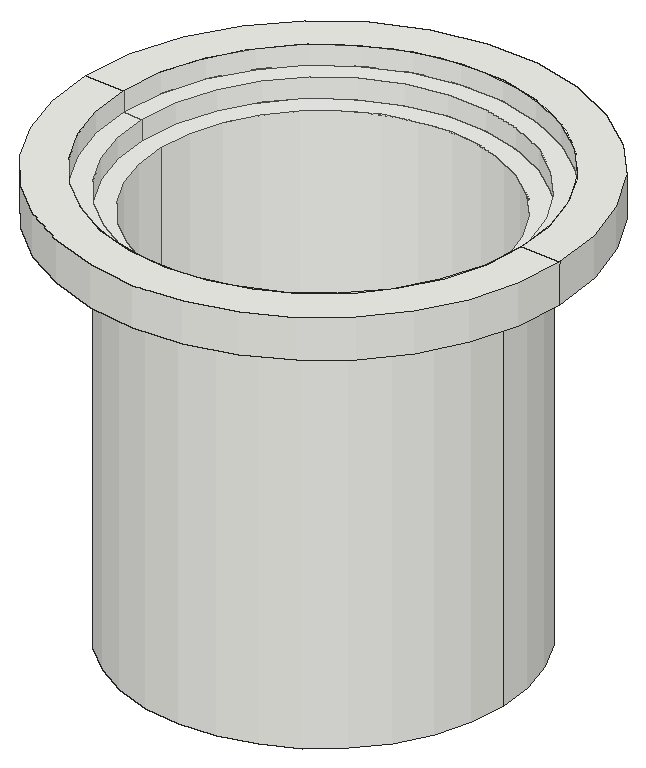
Revit family
Parameters (values of type "400 Watts")
  Wattage Comments = "400"
  Wattage = 400 W
  built-in parameter 1150110 = 1 (stored number, unit not read)
  built-in parameter 1114217 = 1 (stored number, unit not read)
  built-in parameter 1150109 = 1 (stored number, unit not read)
  built-in parameter 1150134 = 4
  built-in parameter 1150113 = 1 (stored number, unit not read)
  built-in parameter 1150105 = 1527.9 (stored number, unit not read)
  Lumens = 4800 lm
  Material of Lens = Lens Material
  built-in parameter 1150115 = 1 (stored number, unit not read)
  Light Source Symbol Size = 609.6 mm
  built-in parameter 1150137 = (empty or 0)
  built-in parameter 1150139 = (empty or 0)
  built-in parameter 1150112 = 1 (stored number, unit not read)
  built-in parameter 1150114 = 1 (stored number, unit not read)
  Lamp = "FL-1"
  Material of Casing = Casing Material
  built-in parameter 1150132 = (empty or 0)
  built-in parameter 1150102 = (empty or 0)
  built-in parameter 1150107 = 2800 (stored number, unit not read)
  built-in parameter 1150138 = (empty or 0)
  built-in parameter 1150106 = 15.279 (stored number, unit not read)
  built-in parameter 1150104 = 1.1148 (stored number, unit not read)
  Dimming Lamp Color Temperature Shift = (empty or 0)
  Color Filter = 16777215
  built-in parameter 1114218 = 1 (stored number, unit not read)
  built-in parameter 1150133 = 10 (stored number, unit not read)
Types (3, lengths in mm): name | Wattage Comments | Wattage | built-in parameter 1150105 | Lumens | built-in parameter 1150106
  (no name) | "400" | 400 W | 1527.9 (stored number, unit not read) | 4800 lm | 15.279 (stored number, unit not read)
  200 Watts | "200" | 200 W | 763.94 (stored number, unit not read) | 2400 lm | 7.6394 (stored number, unit not read)
  400 Watts | "400" | 400 W | 1527.9 (stored number, unit not read) | 4800 lm | 15.279 (stored number, unit not read)
Reference planes
  plane 1 "Light Source Axis (F/B)": y = 0
  plane 2: z = 0
  plane 3 "Light Source Axis (L/R)": x = 0
  plane 4 "Light Source Elevation": z = 15
  plane 5: x = -125
  plane 6: x = 125
Forms (mm)
  Revolve 1, solid, material "Casing Material" <- "Material of Casing"
    sketch origin (0, 0, 0) x (1, 0, 0) y (0, 0, 1)
      loop
        line (-95.123, 0) -> (-95.123, 10) -> (-105, 10) -> (-105, 20) -> (-125, 20) -> (-125, 0) -> (-95.123, 0)
      axis (0, 20) -> (0, 0)
    angle from 0 to 360
  Extrusion 2, solid, material "Lens Material" <- "Material of Lens"
    sketch origin (0, 0, 0) x (1, 0, 0) y (0, 1, 0)
      loop
        circle (0, 0) r 105
    from 10 to 20
  Extrusion 3, solid, material "Casing Material" <- "Material of Casing"
    sketch origin (0, 0, 0) x (1, 0, 0) y (0, 1, 0)
      loop
        circle (0, 0) r 95.123
      loop
        circle (0, 0) r 85.123
    from 0 to -200
  Extrusion 4, solid, material "Casing Material" <- "Material of Casing"
    sketch origin (0, 0, 0) x (1, 0, 0) y (0, 1, 0)
      loop
        circle (0, 0) r 85.123
    from -190 to -200
Dimensions and locks
  plane 5 to plane 6 = 250 mm
  aligned and locked: Extrusion 2 to Revolve 1  (x2)
  aligned and locked: plane 2 to Extrusion 3
  aligned and locked: Extrusion 3 to Extrusion 4
  aligned and locked: plane 5 to Revolve 1
  aligned and locked: plane 6 to Revolve 1
  aligned and locked: plane 1 "Light Source Axis (F/B)" to imposter light
  aligned and locked: plane 4 "Light Source Elevation" to imposter light
  aligned and locked: imposter light to plane 3 "Light Source Axis (L/R)"
